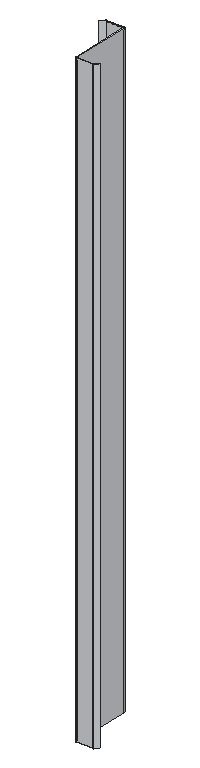
Revit family "SC_ZTubest", category Structural Columns, Revit 2022
Family settings
  Section Shape = Not Defined
  Material for Model Behavior = Steel
  Always export as geometry = No
  Beam cutback in plan = From bounding box
  Cut with Voids When Loaded = No
  Symbolic Representation = From Project Settings
  Shared = No
  Show family pre-cut in plan views = Yes
Parameters (values of type "Z 250x75x20x3")
  e = 3 mm
  Structural Material [instance] = ASTM A36
  C = 20 mm
  Bs = 75 mm
  A = 250 mm
  Assembly Code = ""
  Bi = 70 mm
  R = 3 mm
Types (24, lengths in mm): name | e | C | Bs | A | Bi
  Z 250x75x20x3 | 3 | 20 | 75 | 250 | 70
  Z 250x75x20x2.5 | 2.5 | 20 | 75 | 250 | 70
  Z 250x75x20x2 | 2 | 20 | 75 | 250 | 70
  Z 250x75x20x1.6 | 1.6 | 20 | 75 | 250 | 70
  Z 200x75x20x3 | 3 | 20 | 75 | 200 | 70
  Z 200x75x20x2.5 | 2.5 | 20 | 75 | 200 | 70
  Z 200x75x20x2 | 2 | 20 | 75 | 200 | 70
  Z 200x75x20x1.6 | 1.6 | 20 | 75 | 200 | 70
  Z 175x75x20x3 | 3 | 20 | 75 | 175 | 70
  Z 175x75x20x2.5 | 2.5 | 20 | 75 | 175 | 70
  Z 175x75x20x2 | 2 | 20 | 75 | 175 | 70
  Z 175x75x20x1.6 | 1.6 | 20 | 75 | 175 | 70
  Z 150x50x15x3 | 3 | 15 | 50 | 150 | 45
  Z 150x50x15x2.5 | 2.5 | 15 | 50 | 150 | 45
  Z 150x50x15x2 | 2 | 15 | 50 | 150 | 45
  Z 150x50x15x1.6 | 1.6 | 15 | 50 | 150 | 45
  Z 125x50x15x3 | 3 | 15 | 50 | 125 | 45
  Z 125x50x15x2.5 | 2.5 | 15 | 50 | 125 | 45
  Z 125x50x15x2 | 2 | 15 | 50 | 125 | 45
  Z 125x50x15x1.6 | 1.6 | 15 | 50 | 125 | 45
  Z 100x50x15x3 | 3 | 15 | 50 | 100 | 45
  Z 100x50x15x2.5 | 2.5 | 15 | 50 | 100 | 45
  Z 100x50x15x2 | 2 | 15 | 50 | 100 | 45
  Z 100x50x15x1.6 | 1.6 | 15 | 50 | 100 | 45
Reference planes
  plane 1: y = 0
  plane 2: z = 0
  plane 3: x = 0
Forms (mm)
  Sweep 1, solid
    path origin (0, 0, 0) x (-1, 0, 0) y (0, 0, 1)
      loop
        line (0, 0) -> (0, 2500)
    profile "ZTubest : ZTubest" origin (0, 0, 1250) x (1, 0, 0) y (0, 1, 0)
      loop
        line (0, -119) -> (0, 119)
        arc (0, 119) -> (-1.757, 123.243) -> (-6, 125) r 6
        line (-6, 125) -> (-75, 125)
        arc (-75, 125) -> (-77.296, 124.543) -> (-79.243, 123.243) r 6
        line (-79.243, 123.243) -> (-93.385, 109.101) -> (-91.263, 106.979) -> (-77.121, 121.121)
        arc (-77.121, 121.121) -> (-76.148, 121.772) -> (-75, 122) r 3
        line (-75, 122) -> (-6, 122)
        arc (-6, 122) -> (-3.879, 121.121) -> (-3, 119) r 3
        line (-3, 119) -> (-3, -119)
        arc (-3, -119) -> (-1.243, -123.243) -> (3, -125) r 6
        line (3, -125) -> (67, -125)
        arc (67, -125) -> (69.296, -124.543) -> (71.243, -123.243) r 6
        line (71.243, -123.243) -> (85.385, -109.101) -> (83.263, -106.979) -> (69.121, -121.121)
        arc (69.121, -121.121) -> (68.148, -121.772) -> (67, -122) r 3
        line (67, -122) -> (3, -122)
        arc (3, -122) -> (0.879, -121.121) -> (0, -119) r 3
Dimensions and locks
  aligned and locked: level to plane 2
Automatic sketch dimensions
  Sweep 1 sketch curve to level = 0 mm  (x2)
  Sweep 1 sketch curve to plane 3 = 0 mm
